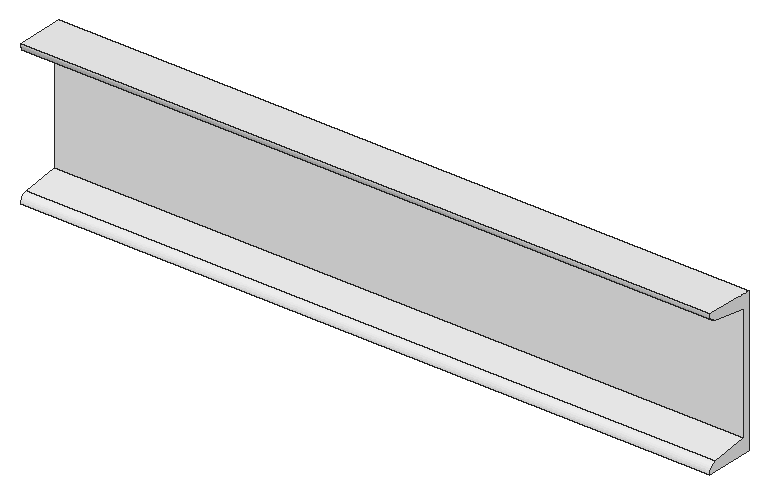
Revit family
Parameters (values of type "MC250X37")
  Start Extension Calculation [instance] = 3012.5 mm + Start Extension  # 3000 mm
  Start Extension [instance] = -12.5 mm
  End Extension Calculation [instance] = 3012.5 mm + End Extension  # 3000 mm
  End Extension [instance] = -12.5 mm
  Beam Material [instance] = Metal - Steel - 345 MPa
  Assembly Code = ""
  A = 0.005 m²
  Length [instance] = 1500 mm
  W = 0.36285
  bf = 86 mm
  d = 254 mm
  tf = 14.6 mm
  tw = 9.7 mm
  x = 24 mm
Reference planes
  plane 1 "Center (Front/Back)": y = 0
  plane 2: z = 0
  plane 3 "Center (Left/Right)": x = 4.61
  plane 4 "Member Left": x = -604.99
  plane 5 "Member Right": x = 614.21
  plane 6: y = 24
  plane 7: y = -62
  plane 8 "Top": z = 127
  plane 9: z = -127
  plane 10 "Left": x = -757.39
  plane 11 "Right": x = 742.61
  plane 12: x = -604.99
  plane 13: x = 614.21
  plane 14: x = 2395.01
  plane 15: x = -2385.79
Forms (mm)
  Sweep 1, solid, material "Metal - Steel - 345 MPa" <- "Beam Material", detail levels medium
    path origin (0, 0, 0) x (1, 0, 0) y (0, 1, 0)
      loop
        line (614.21, 0) -> (-604.99, 0)
    profile "M_C-Channel-Profile-Medium : M_C-Channel-Profile-Medium" origin (4.61, 0, 0) x (0, -1, 0) y (0, 0, 1)
      loop
        line (-24, -127) -> (62, -127) -> (62, -112.4) -> (-14.3, -100.315) -> (-14.3, 100.315) -> (62, 112.4) -> (62, 127) -> (-24, 127) -> (-24, -127)
  Sweep 2, solid, material "Metal - Steel - 345 MPa" <- "Beam Material", detail levels fine
    path origin (0, 0, 0) x (1, 0, 0) y (0, 1, 0)
      loop
        line (614.21, 0) -> (-604.99, 0)
    profile "M_C-Channel-Profile-Fine : M_C-Channel-Profile-Fine" origin (4.61, 0, 0) x (0, -1, 0) y (0, 0, 1)
      loop
        line (-24, -127) -> (62, -127)
        arc (62, -127) -> (57.724, -116.676) -> (47.4, -112.4) r 14.6
        line (47.4, -112.4) -> (-14.3, -102.628) -> (-14.3, 102.628) -> (47.4, 112.4)
        arc (47.4, 112.4) -> (57.724, 116.676) -> (62, 127) r 14.6
        line (62, 127) -> (-24, 127) -> (-24, -127)
Lines and regions (mm)
  symbolic lines, style "Hidden Faces", detail levels medium+fine
    curve 1: line (-604.99, 0, 0) -> (614.21, 0, 0)
    curve 2: line (-604.99, 4.763, 105.5) -> (614.21, 4.763, 105.5)
    curve 3: line (-604.99, 4.763, -105.5) -> (614.21, 4.763, -105.5)
  symbolic lines, style "Stick Symbols", detail levels coarse
    curve 4: line (4.61, 24, 127) -> (4.61, -62, 127)
    curve 5: line (4.61, 24, -127) -> (4.61, 24, 127)
    curve 6: line (4.61, -62, -127) -> (4.61, 24, -127)
Dimensions and locks
  "bf": plane 6 to plane 7
  "d": plane 9 to plane 8 "Top"
  "x": plane 6 to plane 1 "Center (Front/Back)"
  equal spacing: plane 9, plane 2, plane 8 "Top"
  "Length": plane 10 "Left" to plane 11 "Right"
  locked: plane 4 "Member Left" to plane 14 at 3000
  locked: plane 15 to plane 5 "Member Right" at 3000
  "Start Extension Calculation": plane 12 to plane 14
  "End Extension Calculation": plane 15 to plane 13
  aligned and locked: Sweep 1 sketch curve to plane 1 "Center (Front/Back)"
  aligned and locked: Sweep 2 sketch curve to plane 1 "Center (Front/Back)"
  aligned and locked: curve 4 to Sweep 2
  aligned and locked: curve 5 to Sweep 2
  aligned and locked: Sweep 2 to curve 6
  aligned and locked: Sweep 1 to curve 4
  aligned and locked: curve 6 to Sweep 1
  aligned and locked: plane 12 to Sweep 2 sketch curve
  aligned and locked: plane 13 to Sweep 2 sketch curve
  aligned and locked: plane 12 to Sweep 1 sketch curve
  aligned and locked: plane 13 to Sweep 1 sketch curve
  aligned and locked: plane 12 to curve 1
  aligned and locked: plane 13 to curve 1
Automatic sketch dimensions
  curve 1 to plane 1 "Center (Front/Back)" = 0 mm
  curve 3 to plane 4 "Member Left" = 0 mm
  curve 2 to plane 4 "Member Left" = 0 mm
  curve 3 to plane 5 "Member Right" = 0 mm
  curve 2 to plane 5 "Member Right" = 0 mm
  curve 3 to plane 9 = 21.5 mm
  plane 8 "Top" to curve 2 = 21.5 mm
